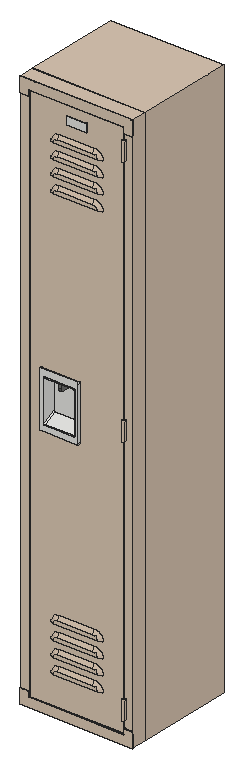
Revit family "Locker_SalsburyInd_Metal-1-Tier-Single", category Specialty Equipment, Revit 2022 (continued)
Definition of nested family "ML_Base Type"
  Automatic sketch dimensions
    Extrusion 2 sketch curve to plane 12 "Inside Edge of Front Leg" = 0.000"
    plane 14 to Extrusion 2 sketch curve = 0.000"
    Extrusion 2 sketch curve to plane 5 "Left Side of Unit" = 0.000"
    plane 8 "Front of Unit" to Extrusion 2 sketch curve = 0.000"
    Extrusion 2 sketch curve to plane 20 "Inside Edge or Left Rear Leg" = 0.000"
    plane 14 to Extrusion 2 sketch curve = 0.060"
    plane 8 "Front of Unit" to Extrusion 2 sketch curve = 0.060"
    plane 10 "Left Side of Door Opening" to Extrusion 2 sketch curve = 0.060"
    plane 5 "Left Side of Unit" to Extrusion 2 sketch curve = 0.060"
    plane 11 "Back Edge of Front Facing" to Extrusion 1 sketch curve = 0.000"
    Extrusion 1 sketch curve to plane 13 "Inside Edge of Right Leg" = 0.000"
    plane 14 to Extrusion 1 sketch curve = 0.000"
    Extrusion 1 sketch curve to plane 6 "Right Side of Unit" = 0.000"
    plane 8 "Front of Unit" to Extrusion 1 sketch curve = 0.000"
    Extrusion 1 sketch curve to plane 19 "Inside Edge or Rear Right Leg" = 0.000"
    Extrusion 1 sketch curve to plane 14 = 0.060"
    Extrusion 1 sketch curve to plane 8 "Front of Unit" = 0.060"
    plane 9 "Right Side of Door Opening" to Extrusion 1 sketch curve = 0.060"
    plane 6 "Right Side of Unit" to Extrusion 1 sketch curve = 0.060"
Definition of nested family "ML_Base Side"
  Parameters (values of type "Zee Base Corner")
    Zee Corner = yes
    Zee = no
    Width including Rivet [instance] = 1.290"
    Leg = no
    Locker Depth [instance] = 12.010"
    Version = "1.0 (11/30/15)"
    Type Comments = "End Base for Standard Metal Lockers"
    Model = ""
    MasterFormat Title = ""
    MasterFormat Number = ""
    Manufacturer = "Salsbury Industries"
    Finish [instance] = none
    Description = ""
    Width = 4.000"
    Height = 4.000"
    Default Elevation = 0.000"
    Assembly Code = ""
  Types (4): name | Zee Corner | Zee | Leg | Locker Depth
    Leg Side Base Cover | no | no | yes | 10.362"
    Zee Base Cover | no | yes | no | 12.010"
    None | yes | no | no | 10.362"
    Zee Base Corner | yes | no | no | 12.010"
  Reference planes (in)
    plane 1 "Center (Front/Back)": y = 0
    plane 2: z = 0
    plane 3 "Center (Left/Right)": x = 3.99
    plane 4 "Floor": z = 0
    plane 5 "Locker Edge": x = 5.99
    plane 6 "Left Edge of Enclosure": y = -4.357
    plane 7 "Right Edge of Enclosure": y = 6.005
    plane 8 "Bottom Edge of Enclosure": z = 0.06
    plane 9 "Left Edge of Base": x = 1.99
    plane 10: y = -6.005
  Forms (in)
    Extrusion 1, solid, material <- "Finish", visible <- "Zee"
      sketch origin (0, 0, 0) x (0, -1, 0) y (1, 0, 0)
        loop
          line (-6.005, 1.99) -> (4.357, 1.99) -> (4.357, 5.99) -> (-6.005, 5.99) -> (-6.005, 1.99)
      from 0.06 to 4
    Extrusion 2, solid, material <- "Finish", visible <- "Leg"
      sketch origin (5.99, 0.794, 0) x (0, 0, -1) y (0, -1, 0)
        loop
          line (-6, 5.211) -> (-6, -4.211) -> (-0.06, -4.211) -> (-0.06, 5.211) -> (-6, 5.211)
      from 0 to 1.25
    Extrusion 3, solid, material <- "Finish", visible <- "Zee Corner"
      sketch origin (6.99, -5.357, 0) x (1, 0, 0) y (0, 1, 0)
        loop
          line (-1, 1) -> (-1, 0.94) -> (0.94, 0.94) -> (0.94, -1) -> (1, -1) -> (1, 1) -> (-1, 1)
      from 0 to 3.94
  Dimensions and locks (in)
    "Width": plane 9 "Left Edge of Base" to plane 5 "Locker Edge"
    equal spacing: plane 9 "Left Edge of Base", plane 3 "Center (Left/Right)", plane 5 "Locker Edge"
    locked: plane 4 "Floor" to plane 8 "Bottom Edge of Enclosure" at 0.06
    equal spacing: plane 10, plane 1 "Center (Front/Back)", plane 7 "Right Edge of Enclosure"
    "Locker Depth": plane 10 to plane 7 "Right Edge of Enclosure"
    locked: plane 6 "Left Edge of Enclosure" to plane 10 at 1.648
    locked: plane 10 to Extrusion 2 sketch curve at 1.588
    locked: Extrusion 2 sketch curve to plane 7 "Right Edge of Enclosure" at 1
    aligned and locked: level to plane 2
    aligned and locked: Extrusion 1 to plane 7 "Right Edge of Enclosure"
    aligned and locked: plane 8 "Bottom Edge of Enclosure" to Extrusion 1
    aligned and locked: Extrusion 1 sketch curve to plane 9 "Left Edge of Base"
  Automatic sketch dimensions
    Extrusion 1 sketch curve to plane 5 "Locker Edge" = 0.000"
    plane 7 "Right Edge of Enclosure" to Extrusion 1 sketch curve = 0.000"
    Extrusion 1 sketch curve to plane 6 "Left Edge of Enclosure" = 0.000"
    level to Extrusion 2 sketch curve = 0.060"
    Extrusion 2 sketch curve to plane 8 "Bottom Edge of Enclosure" = 5.940"
    Extrusion 3 sketch curve to plane 5 "Locker Edge" = 0.000"
    plane 6 "Left Edge of Enclosure" to Extrusion 3 sketch curve = 0.000"
    plane 6 "Left Edge of Enclosure" to Extrusion 3 sketch curve = 0.060"
    Extrusion 3 sketch curve to Extrusion 3 sketch curve = 1.940"
    Extrusion 3 sketch curve to Extrusion 3 sketch curve = 0.060"
    Extrusion 3 sketch curve to plane 10 = 0.352"
Definition of nested family "ML_End Panel"
  Parameters (values of type "Double")
    controldepth [instance] = if(Single End Panel, Depth, Depth * 2)  # 24.020"
    Width = 0.925"
    Visible = yes
    Version = "1.0 (11/30/15)"
    Type Comments = "Finished Double End Panel for Standard Metal Lockers"
    Single End Panel = no
    Model = ""
    MasterFormat Title = ""
    MasterFormat Number = ""
    Manufacturer = "Salsbury Industries"
    Height [instance] = 60.000"
    Finish [instance] = none
    Description = "Double End Panel"
    Depth [instance] = 12.010"
    Default Elevation = 0.000"
    Base Height [instance] = 0.750"
    Assembly Code = ""
  Types (3): name | controldepth | Visible | Type Comments | Single End Panel | Model | Height | Description
    Single | 12.010" | yes | "Finished End Panel for Standard Metal Lockers" | yes | "" | 60.000" | "End Panel"
    None | 12.010" | no | "Finished End Panel for Standard Metal Lockers" | yes | "n/a" | 72.000" | ""
    Double | 24.020" | yes | "Finished Double End Panel for Standard Metal Lockers" | no | "" | 60.000" | "Double End Panel"
  Reference planes (in)
    plane 1 "Center (Front/Back)": y = -2.167
    plane 2: z = 0
    plane 3 "Center (Left/Right)": x = -4.595
    plane 4 "Bottom of Panel": z = 0
    plane 5 "Top of Panel": z = 60
    plane 6 "Front of Panel": y = -14.177
    plane 7 "Right Side of Enclosure": x = -4.1325
    plane 8 "Left Side of Enclosure": x = -5.0575
    plane 9 "Back of Panel": y = 9.843
    plane 10: z = 30
    plane 11: z = 58.283
    plane 12: z = 1.717
    plane 13 "Outside Edge of Front Flap": y = -14.23714
    plane 14 "Outside Edge of Back Flap": y = 9.903
    plane 15: z = -0.75
  Forms (in)
    Extrusion 1, solid, material <- "Finish", visible <- "Visible"
      sketch origin (-4.1325, 0.48244, 0) x (0, 0, -1) y (0, -1, 0)
        loop
          line (-60, 14.71958) -> (-60, -9.42056) -> (0.75, -9.42056) -> (0.75, 14.71958) -> (-60, 14.71958)
      from 0 to -0.06
    Extrusion 2, solid, material <- "Finish", visible <- "Visible"
      sketch origin (0, 9.843, 0) x (0, 0, -1) y (1, 0, 0)
        loop
          line (-60, -5.0575) -> (0.75, -5.0575) -> (0.75, -4.1325) -> (-60, -4.1325) -> (-60, -5.0575)
      from 0 to -0.06
    Extrusion 3, solid, material <- "Finish", visible <- "Visible"
      sketch origin (0, -14.177, 0) x (1, 0, 0) y (0, 0, 1)
        loop
          line (-5.0575, 58.283) -> (-5.0575, 1.717) -> (-4.1325, 1.717) -> (-4.1325, 58.283) -> (-5.0575, 58.283)
      from 0.06014 to 0
  Dimensions and locks (in)
    equal spacing: plane 6 "Front of Panel", plane 1 "Center (Front/Back)", plane 9 "Back of Panel"
    "controldepth": plane 6 "Front of Panel" to plane 9 "Back of Panel"
    equal spacing: plane 8 "Left Side of Enclosure", plane 3 "Center (Left/Right)", plane 7 "Right Side of Enclosure"
    "Width": plane 8 "Left Side of Enclosure" to plane 7 "Right Side of Enclosure"
    locked: plane 5 "Top of Panel" to plane 11 at 1.717
    locked: plane 13 "Outside Edge of Front Flap" to plane 6 "Front of Panel" at 0.06014
    locked: plane 9 "Back of Panel" to plane 14 "Outside Edge of Back Flap" at 0.06
    "Base Height": level to plane 15
    locked: plane 12 to level at 1.717
    equal spacing: plane 5 "Top of Panel", plane 10, level
    "Height": plane 5 "Top of Panel" to level
    aligned and locked: level to plane 2
    aligned and locked: plane 5 "Top of Panel" to Extrusion 1 sketch curve
    aligned and locked: plane 5 "Top of Panel" to Extrusion 2 sketch curve
    aligned and locked: Extrusion 2 to plane 9 "Back of Panel"
    aligned and locked: plane 11 to Extrusion 3 sketch curve
    aligned and locked: plane 6 "Front of Panel" to Extrusion 3
    aligned and locked: plane 14 "Outside Edge of Back Flap" to Extrusion 2
    aligned and locked: Extrusion 1 to plane 14 "Outside Edge of Back Flap"
    aligned and locked: plane 13 "Outside Edge of Front Flap" to Extrusion 3
    aligned and locked: plane 7 "Right Side of Enclosure" to Extrusion 2
    aligned and locked: Extrusion 3 to plane 7 "Right Side of Enclosure"
    aligned and locked: Extrusion 1 to plane 15
    aligned and locked: Extrusion 2 to plane 15
  Automatic sketch dimensions
    Extrusion 1 sketch curve to level = 0.750"
    Extrusion 2 sketch curve to level = 0.750"
    plane 8 "Left Side of Enclosure" to Extrusion 2 sketch curve = 0.000"
    plane 7 "Right Side of Enclosure" to Extrusion 2 sketch curve = 0.000"
    plane 8 "Left Side of Enclosure" to Extrusion 3 sketch curve = 0.000"
    Extrusion 3 sketch curve to plane 12 = 0.000"
    plane 7 "Right Side of Enclosure" to Extrusion 3 sketch curve = 0.000"
    Extrusion 1 sketch curve to plane 14 "Outside Edge of Back Flap" = 0.000"
    plane 6 "Front of Panel" to Extrusion 1 sketch curve = 0.06014"
Definition of nested family "ML_Front Filler"
  Parameters (values of type "Width as Specified")
    Width [instance] = 9.000"
    Visible = yes
    Version = "1.0 (11/30/15)"
    Type Comments = "Vertical Front Filler for Standard Metal Lockers"
    Model = ""
    MasterFormat Title = ""
    MasterFormat Number = ""
    Manufacturer = "Salsbury Industries"
    Height [instance] = 60.000"
    Finish [instance] = none
    Description = "Vertical Front Filler"
    Depth = 1.000"
    Default Elevation = 48.000"
    Base Height [instance] = 3.000"
    Assembly Code = ""
  Types (2): name | Width | Visible | Model | Height | Description | Depth
    None | 15.000" | no | "n/a" | 78.000" | "" | 1.500"
    Width as Specified | 9.000" | yes | "" | 60.000" | "Vertical Front Filler" | 1.000"
  Reference planes (in)
    plane 1 "Center (Front/Back)": y = -2.167
    plane 2: z = 0
    plane 3 "Center (Left/Right)": x = -4.595
    plane 4 "Bottom of Filler": z = 0
    plane 5 "Top of Panel": z = 63
    plane 6 "Front of Filler": y = -2.667
    plane 7 "Right Side of Filler": x = -0.095
    plane 8 "Left Side of Filler": x = -9.095
    plane 9 "Back of Filler": y = -1.667
    plane 10: z = 33
    plane 11: z = 3
  Forms (in)
    Extrusion 1, solid, material <- "Finish", visible <- "Visible"
      sketch origin (0, 0, 0) x (0, -1, 0) y (1, 0, 0)
        loop
          line (1.667, -9.095) -> (2.667, -9.095) -> (2.667, -1.095) -> (2.619, -1.095) -> (2.619, -9.047) -> (1.667, -9.047) -> (1.667, -9.095)
      from 0 to 63
    Extrusion 2, solid, material <- "Finish", visible <- "Visible"
      sketch origin (0, -0.20425, 0) x (0, -1, 0) y (1, 0, 0)
        loop
          line (1.55875, -0.095) -> (1.55875, -0.143) -> (2.51075, -0.143) -> (2.51075, -0.82524) -> (2.36675, -0.82524) -> (2.36675, -1.80024) -> (2.41475, -1.80024) -> (2.41475, -1.095) -> (2.46275, -1.095) -> (2.46275, -1.595) -> (2.55875, -1.595) -> (2.55875, -0.095) -> (1.55875, -0.095)
      from 0 to 63
  Dimensions and locks (in)
    equal spacing: plane 6 "Front of Filler", plane 1 "Center (Front/Back)", plane 9 "Back of Filler"
    "Depth": plane 6 "Front of Filler" to plane 9 "Back of Filler"
    equal spacing: plane 8 "Left Side of Filler", plane 3 "Center (Left/Right)", plane 7 "Right Side of Filler"
    "Width": plane 8 "Left Side of Filler" to plane 7 "Right Side of Filler"
    "Height": plane 5 "Top of Panel" to plane 11
    equal spacing: plane 5 "Top of Panel", plane 10, plane 11
    "Base Height": plane 11 to level
    locked: Extrusion 1 sketch curve to plane 7 "Right Side of Filler" at 1
    Extrusion 2 sketch curve to Extrusion 2 sketch curve to Extrusion 2 sketch curve to Extrusion 2 sketch curve to plane 7 "Right Side of Filler" = 0.20524" locked, 0.500" locked, 0.26976" locked, 0.73024" locked
    aligned and locked: level to plane 2
    aligned and locked: Extrusion 1 to plane 5 "Top of Panel"
    aligned and locked: Extrusion 2 to plane 5 "Top of Panel"
  Automatic sketch dimensions
    plane 9 "Back of Filler" to Extrusion 1 sketch curve = 0.000"
    plane 6 "Front of Filler" to Extrusion 1 sketch curve = 0.000"
    Extrusion 1 sketch curve to plane 8 "Left Side of Filler" = 0.000"
    Extrusion 1 sketch curve to plane 6 "Front of Filler" = 0.048"
    Extrusion 1 sketch curve to Extrusion 1 sketch curve = 0.048"
    Extrusion 2 sketch curve to plane 7 "Right Side of Filler" = 0.000"
    plane 6 "Front of Filler" to Extrusion 2 sketch curve = 0.000"
    Extrusion 2 sketch curve to plane 6 "Front of Filler" = 0.048"
    Extrusion 2 sketch curve to Extrusion 2 sketch curve = 0.048"  (x2)
    plane 9 "Back of Filler" to Extrusion 2 sketch curve = 0.096"
    Extrusion 2 sketch curve to Extrusion 2 sketch curve = 0.096"
    plane 7 "Right Side of Filler" to Extrusion 2 sketch curve = 0.048"
Definition of nested family "ML_Top Filler"
  Parameters (values of type "Flat Top In-Line")
    Width [instance] = 15.000"
    Version = "1.0 (11/30/15)"
    Type Comments = "Flat Top In-Line Filler for Standard Metal Lockers"
    Sloped Height [instance] = if(Depth = 12.000", 6.625", if(Depth = 15.000", 8.682", if(Depth = 18.000", 10.739", 0.000")))  # 6.625"
    SlopeInline = no
    SlopeCorner = no
    Model = ""
    MasterFormat Title = ""
    MasterFormat Number = ""
    Manufacturer = "Salsbury Industries"
    FlatInline = yes
    FlatCorner = no
    Finish [instance] = none
    Description = "Flat Top In-Line Filler"
    Depth [instance] = 12.000"
    Default Elevation = 48.000"
    Corner Width [instance] = Depth + 0.625"  # 12.625"
    Assembly Code = ""
  Types (5): name | Type Comments | SlopeInline | SlopeCorner | FlatInline | FlatCorner | Description
    None | "Top Filler for Standard Metal Lockers" | no | no | no | no | "Top Filler"
    Sloped In-Line | "Sloping Hood In-Line Filler for Standard Metal Lockers" | yes | no | no | no | "Sloping Hood In-Line Filler"
    Flat Top In-Line | "Flat Top In-Line Filler for Standard Metal Lockers" | no | no | yes | no | "Flat Top In-Line Filler"
    Flat Top Corner | "Flat Top Corner Filler for Standard Metal Lockers" | no | no | no | yes | "Flat Top Corner Filler"
    Sloped Corner | "Sloping Hood Corner Filler for Standard Metal Lockers" | no | yes | no | no | "Sloping Hood Corner Filler"
  Reference planes (in)
    plane 1 "Center (Front/Back)": y = -2.167
    plane 2: z = 0
    plane 3 "Center (Left/Right)": x = -4.595
    plane 4 "Bottom of Panel": z = 0
    plane 5 "Front of Panel": y = -8.167
    plane 6 "Right Side of Enclosure": x = 10.405
    plane 7 "Back of Panel": y = 3.833
    plane 8: z = 6.625
    plane 9: y = -8.2295
    plane 10: x = -5.22
  Forms (in)
    Extrusion 1, solid, material <- "Finish", visible <- "SlopeInline"
      sketch origin (-4.595, 0, 0) x (0, 1, 0) y (0, 0, 1)
        loop
          line (-8.2775, 0.04551) -> (-8.2775, -1.028) -> (-8.2295, -1.028) -> (-8.2295, 0) -> (3.833, 6.625) -> (3.833, 6.69688) -> (-8.2775, 0.04551)
      from 0 to 15
    Extrusion 2, solid, material <- "Finish", visible <- "FlatInline"
      sketch origin (-4.595, 0.26285, 0) x (0, 1, 0) y (0, 0, 1)
        loop
          line (-8.54035, -1.028) -> (-8.49235, -1.028) -> (-8.49235, 0) -> (3.57015, 0) -> (3.57015, 0.048) -> (-8.54035, 0.048) -> (-8.54035, -1.028)
      from 0 to 15
    Extrusion 3, solid, material <- "Finish", visible <- "FlatCorner"
      sketch origin (6.3125, -0.3125, 0) x (0, -1, 0) y (1, 0, 0)
        loop
          line (7.8545, -11.5325) -> (7.8545, -10.9075) -> (8.4795, -10.9075) -> (8.4795, 1.0925) -> (-4.1455, 1.0925) -> (-4.1455, -11.5325) -> (7.8545, -11.5325)
      from 0 to 0.048
    Extrusion 4, solid, material <- "Finish", visible <- "SlopeCorner"
      sketch origin (-5.22, -180, 0.048) x (0, 0, 1) y (0, -1, 0)
        loop
          line (-0.00249, -171.7225) -> (-0.048, -171.7225) -> (-0.048, -171.7705) -> (6.577, -183.833) -> (6.64888, -183.833) -> (-0.00249, -171.7225)
      from 0 to 12.625 <- "Corner Width"
    Extrusion 5, solid, material <- "Finish", visible <- "SlopeCorner"
      sketch origin (0.34565, 3.833, -4.20312) x (0, 0, -1) y (1, 0, 0)
        loop
          line (-4.24872, -5.05115) -> (-4.20312, -5.05115) -> (-4.20312, -5.00315) -> (-10.82812, 7.05935) -> (-10.90008, 7.05935) -> (-4.24872, -5.05115)
      from 0 to 12.625 <- "Corner Width"
    Extrusion 6, void
      sketch origin (0, 0, 0) x (0, -1, 0) y (1, 0, 0)
        loop
          line (-3.833, -5.22) -> (8.792, -5.22) -> (-3.833, 7.405) -> (-3.833, -5.22)
      from -1.028 to 21.6885
    Extrusion 7, void
      sketch origin (3.572, -3.572, 0) x (-1, 0, 0) y (0, -1, 0)
        loop
          line (-3.833, 5.22) -> (-3.833, -7.405) -> (8.2775, 4.7055) -> (8.2775, 5.22) -> (-3.833, 5.22)
      from 19.08316 to -2.57539
  Cuts and joins
    Extrusion 7 cuts Extrusion 4
    Extrusion 6 cuts Extrusion 5
  Dimensions and locks (in)
    equal spacing: plane 5 "Front of Panel", plane 1 "Center (Front/Back)", plane 7 "Back of Panel"
    "Depth": plane 5 "Front of Panel" to plane 7 "Back of Panel"
    "Width": plane 3 "Center (Left/Right)" to plane 6 "Right Side of Enclosure"
    "Sloped Height": plane 8 to level
    locked: plane 9 to plane 5 "Front of Panel" at 0.0625
    locked: Extrusion 1 sketch curve to Extrusion 1 sketch curve at 0.063
    locked: Extrusion 1 sketch curve to plane 9 at 0.048
    Extrusion 2 sketch curve to plane 9 to Extrusion 2 sketch curve = 0.048" locked, 0.000" locked
    "Corner Width": Extrusion 3 sketch curve to plane 7 "Back of Panel"
    "Corner Width": Extrusion 3 sketch curve to Extrusion 3 sketch curve
    locked: Extrusion 3 sketch curve to plane 3 "Center (Left/Right)" at 0.625
    locked: Extrusion 4 sketch curve to plane 9 at 0.048
    locked: Extrusion 4 sketch curve to Extrusion 4 sketch curve at 0.063
    locked: plane 3 "Center (Left/Right)" to plane 10 at 0.625
    "Corner Width": plane 10 to Extrusion 6 sketch curve
    "Corner Width": Extrusion 6 sketch curve to plane 7 "Back of Panel"
    "Corner Width": Extrusion 7 sketch curve to plane 7 "Back of Panel"
    "Corner Width": plane 10 to Extrusion 7 sketch curve
    "Corner Width": Extrusion 5 sketch curve to plane 10
    locked: Extrusion 5 sketch curve to Extrusion 5 sketch curve at 0.06308
    plane 3 "Center (Left/Right)" to Extrusion 5 sketch curve to Extrusion 5 sketch curve = 0.0625" locked, 0.048" locked
    locked: Extrusion 7 sketch curve to plane 3 "Center (Left/Right)" at 0.1105
    aligned and locked: level to plane 2
    aligned and locked: Extrusion 1 to plane 6 "Right Side of Enclosure"
    aligned and locked: Extrusion 1 to plane 3 "Center (Left/Right)"
    aligned and locked: plane 8 to Extrusion 1 sketch curve
    aligned and locked: Extrusion 1 sketch curve to plane 7 "Back of Panel"
    aligned and locked: level to Extrusion 1 sketch curve
    aligned and locked: Extrusion 1 sketch curve to plane 9
    aligned and locked: plane 7 "Back of Panel" to Extrusion 2 sketch curve
    aligned and locked: Extrusion 2 to plane 3 "Center (Left/Right)"
    aligned and locked: Extrusion 2 to plane 6 "Right Side of Enclosure"
    aligned and locked: plane 3 "Center (Left/Right)" to Extrusion 3 sketch curve
    aligned and locked: Extrusion 3 sketch curve to plane 5 "Front of Panel"
    aligned and locked: plane 9 to Extrusion 4 sketch curve
    aligned and locked: Extrusion 4 sketch curve to level
    aligned and locked: plane 8 to Extrusion 4 sketch curve
    aligned and locked: plane 7 "Back of Panel" to Extrusion 4 sketch curve
    aligned and locked: Extrusion 5 sketch curve to level
    aligned and locked: Extrusion 6 sketch curve to plane 7 "Back of Panel"
    aligned and locked: Extrusion 6 sketch curve to plane 10
    aligned and locked: plane 8 to Extrusion 5 sketch curve
  Automatic sketch dimensions
    Extrusion 1 sketch curve to level = 1.028"
    Extrusion 2 sketch curve to level = 0.000"
    Extrusion 2 sketch curve to level = 1.028"
    level to Extrusion 2 sketch curve = 0.048"
    plane 7 "Back of Panel" to Extrusion 3 sketch curve = 0.000"
    plane 7 "Back of Panel" to Extrusion 7 sketch curve = 0.000"
    plane 9 to Extrusion 7 sketch curve = 0.048"
